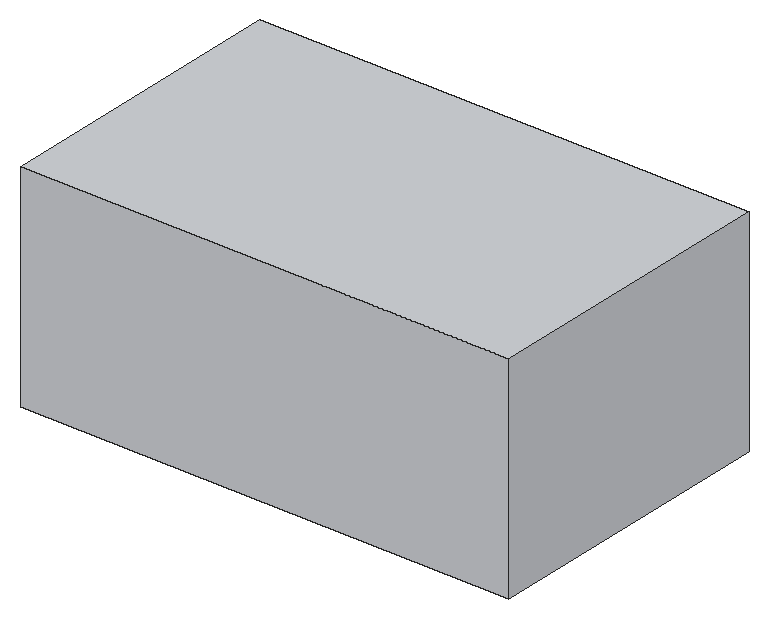
Revit family "M_Caixa universal - Quatro tomadas - Alumínio", category Conexões do conduite, Revit 2019
Family settings
  Cota do conector redondo = Usar raio
  Tipo de parte = Múltiplas portas
  Número OmniClass = 23.80.30.17.11
  Título OmniClass = Conduits
  ID de item do Seek = Universal Box - Four Outlets - Aluminum-0000-CAN-ENU
  Com base no plano de trabalho = Não
  Sempre na vertical = Sim
  Corte com vazios quando carregada = Não
  Compartilhado = Não
Parameters (values of type "Caixa de tomada única")
  Largura 1 [instance] = if(not(Diâmetro nominal máximo 1234 > 27 mm), 38 mm, Diâmetro nominal máximo 1234 + 12.7 mm)  # 38 mm
  Largura [instance] = if(not(Diâmetro nominal máximo 1234 > 27 mm), Largura externa, 6 * Diâmetro nominal máximo 1234)  # 71 mm
  Largura externa = 71 mm
  Altura externa = 51 mm
  Raio nominal 4 [instance] = 8 mm
  Raio nominal 3 [instance] = 8 mm
  Raio nominal 2 [instance] = 8 mm
  Raio nominal 1 [instance] = 8 mm
  Diâmetro nominal 4 [instance] = Raio nominal 4 * 2  # 16 mm
  Diâmetro nominal 3 [instance] = Raio nominal 3 * 2  # 16 mm
  Diâmetro nominal 2 [instance] = Raio nominal 2 * 2  # 16 mm
  Diâmetro nominal 1 [instance] = Raio nominal 1 * 2  # 16 mm
  Diâmetro nominal máximo 34 [instance] = if(Diâmetro nominal 3 > Diâmetro nominal 4, Diâmetro nominal 3, Diâmetro nominal 4)  # 16 mm
  Diâmetro nominal máximo 1234 [instance] = if(Diâmetro nominal máximo 12 > Diâmetro nominal máximo 34, Diâmetro nominal máximo 12, Diâmetro nominal máximo 34)  # 16 mm
  Diâmetro nominal máximo 12 [instance] = if(Diâmetro nominal 1 > Diâmetro nominal 2, Diâmetro nominal 1, Diâmetro nominal 2)  # 16 mm
  Comprimento [instance] = if(not(Diâmetro nominal máximo 1234 > 27 mm), 116 mm, 8 * Diâmetro nominal máximo 1234)  # 116 mm
  Altura [instance] = if(not(Diâmetro nominal máximo 1234 > 27 mm), Altura externa, if(Diâmetro nominal máximo 1234 < 155 mm, 155 mm, Diâmetro nominal máximo 1234 * 1.2))  # 51 mm
Types (3, lengths in mm): name | Largura | Largura externa | Altura externa | Altura
  (no name) | 71 | 71 | 51 | 51
  Caixa de tomada única | 71 | 71 | 51 | 51
  Caixa de tomada dupla | 118 | 118 | 52 | 52
Reference planes
  plane 1 "Centro (Frente/Trás)": y = 0
  plane 2: z = 0
  plane 3 "Centro (Esquerda/Direita)": x = 0
  plane 4: y = 35.5
  plane 5: y = -35.5
  plane 6: x = 116
  plane 7: z = -25.5
  plane 8: z = 25.5
  plane 9: y = 19
  plane 10: y = -19
Forms (mm)
  Extrusion 1, solid
    sketch origin (0, 0, 0) x (1, 0, 0) y (0, 1, 0)
      loop
        line (0, 35.5) -> (0, -35.5) -> (116, -35.5) -> (116, 35.5) -> (0, 35.5)
    from -25.5 to 25.5
  Extrusion 2, solid
    sketch origin (0, 0, 0) x (0, 1, 0) y (0, 0, 1)
      loop
        circle (-19, 0) r 8
      loop
        circle (19, 0) r 8
    from 89.347 to 116
Cuts and joins
  joined: Extrusion 1, Extrusion 2
Dimensions and locks
  equal spacing: plane 4, plane 1 "Centro (Frente/Trás)", plane 5
  "Largura": plane 4 to plane 5
  equal spacing: plane 8, plane 2, plane 7
  locked: level to plane 2
  "Altura": plane 8 to plane 7
  "Comprimento": plane 3 "Centro (Esquerda/Direita)" to plane 6
  equal spacing: plane 9, plane 1 "Centro (Frente/Trás)", plane 10
  "Largura 1": plane 9 to plane 10
  "Raio nominal 1": radius of Extrusion 2 sketch curve  (x2)
  aligned and locked: Extrusion 1 sketch curve to plane 4
  aligned and locked: plane 5 to Extrusion 1 sketch curve
  aligned and locked: Extrusion 1 sketch curve to plane 6
  aligned: Extrusion 1 to plane 2
  aligned and locked: Extrusion 1 to plane 7
  aligned and locked: plane 8 to Extrusion 1
  aligned and locked: Extrusion 1 to plane 3 "Centro (Esquerda/Direita)"
  aligned and locked: plane 2 to Extrusion 2 sketch curve
  aligned and locked: plane 10 to Extrusion 2 sketch curve
  aligned and locked: level to Extrusion 2 sketch curve
  aligned and locked: plane 9 to Extrusion 2 sketch curve
  aligned and locked: plane 6 to Extrusion 2
Automatic sketch dimensions
  plane 3 "Centro (Esquerda/Direita)" to Extrusion 1 sketch curve = 0 mm
Connectors
  cabletrayconduit at (0, 0, 0), diameter 16, driven by "Raio nominal 1"
    settings: on Extrusion 1, index 1, connector width 304.8 mm, connector height 304.8 mm, connector angle 0.00°, system type 32, placement type 0, profile type 0, connector reference index 2, is primary connector yes, connector utility param no, connector description ""
  cabletrayconduit at (116, 19, 0), diameter 16, driven by "Raio nominal 2"
    settings: on Extrusion 2, index 2, connector width 304.8 mm, connector height 304.8 mm, connector angle 0.00°, system type 32, placement type 0, profile type 0, connector reference index 1, is primary connector no, connector utility param no, connector description ""
  cabletrayconduit at (116, -19, 0), diameter 16, driven by "Raio nominal 3"
    settings: on Extrusion 2, index 3, connector width 304.8 mm, connector height 304.8 mm, connector angle 0.00°, system type 32, placement type 0, profile type 0, connector reference index -1, is primary connector no, connector utility param no, connector description ""
  cabletrayconduit at (58, 0, -25.5), diameter 16, driven by "Raio nominal 4"
    settings: on Extrusion 1, index 4, connector width 304.8 mm, connector height 304.8 mm, connector angle 0.00°, system type 32, placement type 0, profile type 0, connector reference index -1, is primary connector no, connector utility param no, connector description ""
